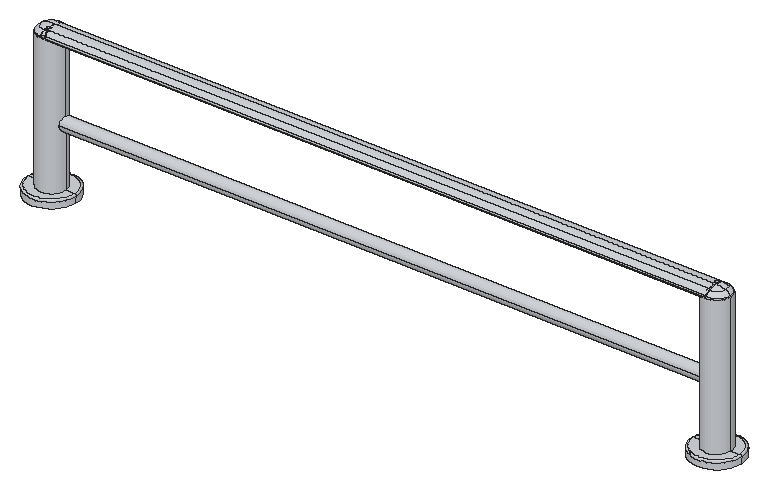
Revit family "Accessory-Towel_Bar-KOHLER-Kumin-K-97890M_1", category Specialty Equipment, host Face, Revit 2017
Family settings
  Host = Face
  Round Connector Dimension = Use Diameter
  Part Type = Normal
  OmniClass Number = 23.31.25.25
  OmniClass Title = Towel Bars
  Cut with Voids When Loaded = No
  Shared = No
  Room Calculation Point = No
Parameters (values of type "CP-Polished Chrome")
  Width = 25 101/128"  # constant formula
  WaterSense Certified = 1 = 0  # no
  URL = "https://la.kohler.com/es?country=MX"
  Type = 1
  Product Page URL = "https://la.kohler.com/es/product-detail/97890m?skuid=K-97890M-CP"
  Product Name = "KUMIN"  # constant formula
  Product Documentation Link = "http://resources.kohler.com/plumbing/kohlerla/pdf/K-97890%20KUMIN%20Spec%20Sheet.pdf"
  Model = "K-97890M-CP"  # constant formula
  Material = "Premium Metal construction"  # constant formula
  Master Format 2014 Name = "Toilet, Bath, and Laundry Accessories"  # constant formula
  Master Format 2014 = "10 28 00"  # constant formula
  Manufacturer Address = "KOHLER Co.\n444 Highland Dr.\nKohler, WI 53044"  # constant formula
  Manufacturer = "KOHLER Co."  # constant formula
  Length = 5.51181"  # constant formula
  Height = 1.77165"  # constant formula
  Finish = Kohler-Metal-CP-Polished_Chrome
  Environmental Product Declaration = ""
  Description = "24 inch Double Towel Bar"  # constant formula
  Default Elevation = 42"
  Declare Label = ""
  Date Modified = "05/21/2021"  # constant formula
  Date Created = "05/21/2021"  # constant formula
  Copyright = "Copyright KOHLER Co."  # constant formula
  Contact Us = "https://la.kohler.com/es/contact-us-page"
  Assembly Code = "C1030200"
  ADA Compliant = 1 = 0  # no
Reference planes (in)
  plane 1 "Center (Front/Back)": y = 0
  plane 2: z = 0
  plane 3 "Center (Left/Right)": x = 0
  plane 4: y = -0.88583
  plane 5: y = 0.88583
  plane 6: x = -12.00787
  plane 7: x = -12.8937
  plane 8: x = 12.00787
  plane 9: x = 12.89536
  plane 10: z = 5.51181
Dimensions and locks (in)
  locked: plane 6 to plane 8 at 24.01575
  "Width": plane 7 to plane 9
  plane 7 to plane 3 "Center (Left/Right)" to plane 9 = 12.8937", 12.89536"
  plane 6 to plane 3 "Center (Left/Right)" to plane 8 = 12.00787", 12.00787"
  "Length": plane 10 to level
  "Height": plane 5 to plane 4
  aligned and locked: plane 2 to host face
  aligned and locked: level to host face
  aligned and locked: plane 4 to nested 1
  aligned and locked: plane 5 to nested 1
  aligned and locked: plane 6 to nested 1
  aligned and locked: plane 8 to nested 1
  aligned and locked: plane 9 to nested 1
  aligned and locked: plane 10 to nested 1
Automatic sketch dimensions
  host sketch curve to host sketch curve = 96"  (x2)
Nested families (in)
  nested 1: "K-97890M" at (0, 0, 0), type "K-97890M"
Definition of nested family "K-97890M"
  Parameters (values of type "K-97890M")
    Material = none
  Reference planes (in)
    plane 1 "Center (Front/Back)": y = 0
    plane 2: z = 0
    plane 3 "Center (Left/Right)": x = 0
    plane 4: x = 12.00787
    plane 5: x = -12.00787
    plane 6: z = 5.51181
    plane 7: z = 5.03937
    plane 8: z = 2.44094
    plane 9: x = 12.8937
    plane 10: x = 11.12205
    plane 11: x = 12.5
    plane 12: x = 11.51575
    plane 13: x = -12.8937
    plane 14: x = -11.12205
    plane 15: x = -12.5
    plane 16: x = -11.51575
    plane 17: y = 0.88583
    plane 18: y = -0.88583
  Forms (in)
    Revolve 1, solid, material <- "Material", detail levels medium+fine
      sketch origin (0, 0, 0) x (1, 0, 0) y (0, 0, 1)
        loop
          arc (12.8937, 0.21654) -> (12.8764, 0.25829) -> (12.83465, 0.27559) r 0.05906
          line (12.83465, 0.27559) -> (12.5, 0.27559) -> (12.5, 5.25575)
          arc (12.5, 5.25575) -> (12.49754, 5.27125) -> (12.49041, 5.28522) r 0.05004
          arc (12.49041, 5.28522) -> (12.41934, 5.36385) -> (12.33339, 5.42589) r 0.50401
          arc (12.33339, 5.42589) -> (12.17629, 5.49027) -> (12.00787, 5.51181) r 0.65044
          line (12.00787, 5.51181) -> (12.00787, 0) -> (12.8937, 0) -> (12.8937, 0.21654)
        axis (12.00787, 5.51181) -> (12.00787, 0)
      angle from 0 to 360
    Revolve 2, solid, material <- "Material", detail levels medium+fine
      sketch origin (0, 0, 0) x (-1, 0, 0) y (0, 0, 1)
        loop
          arc (12.8937, 0.21654) -> (12.8764, 0.25829) -> (12.83465, 0.27559) r 0.05906
          line (12.83465, 0.27559) -> (12.5, 0.27559) -> (12.5, 5.25575)
          arc (12.5, 5.25575) -> (12.49754, 5.27125) -> (12.49041, 5.28522) r 0.05004
          arc (12.49041, 5.28522) -> (12.41934, 5.36385) -> (12.33339, 5.42589) r 0.50401
          arc (12.33339, 5.42589) -> (12.17629, 5.49027) -> (12.00787, 5.51181) r 0.65044
          line (12.00787, 5.51181) -> (12.00787, 0) -> (12.8937, 0) -> (12.8937, 0.21654)
        axis (12.00787, 5.51181) -> (12.00787, 0)
      angle from 0 to 360
    Extrusion 3, solid, material <- "Material", detail levels medium+fine
      sketch origin (0, 0, 0) x (0, 1, 0) y (0, 0, 1)
        loop
          circle (0, 2.44094) r 0.23622
      from -11.92948 to 11.95123
    Extrusion 4, solid, material <- "Material", detail levels medium+fine
      sketch origin (0, 0.00056, 0.00161) x (0, 1, 0) y (0, 0, 1)
        loop
          arc (0.00047, 5.50731) -> (-0.14387, 5.49299) -> (-0.28111, 5.44606) r 0.63005
          arc (-0.28111, 5.44606) -> (-0.37723, 5.38723) -> (-0.45911, 5.30979) r 0.54165
          arc (-0.45911, 5.30979) -> (-0.47334, 5.27161) -> (-0.45946, 5.23331) r 0.05906
          arc (-0.45946, 5.23331) -> (-0.37161, 5.15038) -> (-0.26723, 5.08954) r 0.52905
          arc (-0.26723, 5.08954) -> (-0.13629, 5.04797) -> (0.00047, 5.03486) r 0.64976
          arc (0.00047, 5.03486) -> (0.24833, 5.08694) -> (0.45728, 5.23008) r 0.64785
          arc (0.45728, 5.23008) -> (0.47408, 5.27159) -> (0.45692, 5.31296) r 0.05906
          arc (0.45692, 5.31296) -> (0.24768, 5.45474) -> (0.00047, 5.50731) r 0.65886
      from -12.02269 to 11.97768
    Revolve 5, solid, material <- "Material", detail levels coarse
      sketch origin (0, 0, 0) x (1, 0, 0) y (0, 0, 1)
        loop
          line (12.00787, 5.51181) -> (12.00787, 0) -> (12.8937, 0) -> (12.8937, 0.27559) -> (12.5, 0.27559) -> (12.5, 5.51181) -> (12.00787, 5.51181)
        axis (12.00787, 5.51181) -> (12.00787, 0)
      angle from 0 to 360
    Revolve 6, solid, material <- "Material", detail levels coarse
      sketch origin (0, 0, 0) x (-1, 0, 0) y (0, 0, 1)
        loop
          line (12.00787, 5.51181) -> (12.00787, 0) -> (12.8937, 0) -> (12.8937, 0.27559) -> (12.5, 0.27559) -> (12.5, 5.51181) -> (12.00787, 5.51181)
        axis (12.00787, 5.51181) -> (12.00787, 0)
      angle from 0 to 360
    Extrusion 7, solid, material <- "Material", detail levels coarse
      sketch origin (0, 0, 0) x (1, 0, 0) y (0, 0, 1)
        loop
          line (11.98609, 5.51181) -> (-11.99076, 5.51181) -> (-11.99076, 5.03937) -> (11.98609, 5.03937) -> (11.98609, 5.51181)
      from -0.47464 to 0.47278
    Extrusion 8, solid, material <- "Material", detail levels coarse
      sketch origin (0, 0, 0) x (0, 1, 0) y (0, 0, 1)
        loop
          circle (0, 2.44094) r 0.23667
      from -11.69042 to 11.74002
  Cuts and joins
    joined: Revolve 1, Revolve 2, Extrusion 3
    joined: Revolve 5, Revolve 6, Extrusion 7, Extrusion 8
  Lines and regions (in)
    Masking region 1
      outline origin (0, 0, 0) x (1, 0, 0) y (0, 1, 0)
        loop
          arc (-11.25994, 0.47464) -> (-12.8937, -0.0011) -> (-11.25876, -0.47278) r 0.88583
          line (-11.25876, -0.47278) -> (0, -0.47278) -> (11.25876, -0.47278)
          arc (11.25876, -0.47278) -> (12.8937, -0.0011) -> (11.25994, 0.47464) r 0.88583
          line (11.25994, 0.47464) -> (0.2986, 0.47464) -> (-11.25994, 0.47464)
    Masking region 2
      outline origin (0, 0, 0) x (1, 0, 0) y (0, 0, 1)
        loop
          arc (-12.00787, 5.51181) -> (-12.15074, 5.49694) -> (-12.28654, 5.45013) r 0.63079
          arc (-12.28654, 5.45013) -> (-12.39761, 5.38009) -> (-12.48949, 5.28627) r 0.56425
          arc (-12.48949, 5.28627) -> (-12.4973, 5.27175) -> (-12.5, 5.25549) r 0.05032
          line (-12.5, 5.25549) -> (-12.5, 0.27559) -> (-12.8349, 0.27559)
          arc (-12.8349, 0.27559) -> (-12.87648, 0.25837) -> (-12.8937, 0.21678) r 0.05881
          line (-12.8937, 0.21678) -> (-12.8937, 0) -> (-11.12205, 0) -> (-11.12205, 0.21727)
          arc (-11.12205, 0.21727) -> (-11.13913, 0.25851) -> (-11.18037, 0.27559) r 0.05832
          line (-11.18037, 0.27559) -> (-11.51575, 0.27559) -> (-11.51575, 2.20472) -> (11.51575, 2.20472) -> (11.51575, 0.27559) -> (11.18037, 0.27559)
          arc (11.18037, 0.27559) -> (11.13913, 0.25851) -> (11.12205, 0.21727) r 0.05832
          line (11.12205, 0.21727) -> (11.12205, 0) -> (12.8937, 0) -> (12.8937, 0.21678)
          arc (12.8937, 0.21678) -> (12.87648, 0.25837) -> (12.8349, 0.27559) r 0.05881
          line (12.8349, 0.27559) -> (12.5, 0.27559) -> (12.5, 5.25549)
          arc (12.5, 5.25549) -> (12.4973, 5.27175) -> (12.48949, 5.28627) r 0.05032
          arc (12.48949, 5.28627) -> (12.39761, 5.38009) -> (12.28654, 5.45013) r 0.56425
          arc (12.28654, 5.45013) -> (12.15074, 5.49694) -> (12.00787, 5.51181) r 0.63079
          line (12.00787, 5.51181) -> (-12.00787, 5.51181)
        loop
          line (11.12205, 5.03644) -> (-11.12205, 5.03644)
          arc (-11.12205, 5.03644) -> (-11.40044, 4.92112) -> (-11.51575, 4.64274) r 0.3937
          line (-11.51575, 4.64274) -> (-11.51575, 2.67717) -> (11.51575, 2.67717) -> (11.51575, 4.64274)
          arc (11.51575, 4.64274) -> (11.40044, 4.92112) -> (11.12205, 5.03644) r 0.3937
    Masking region 3
      outline origin (0, 0, 0) x (0, 1, 0) y (0, 0, 1)
        loop
          line (0.88583, 0) -> (0.88583, 0.21687)
          arc (0.88583, 0.21687) -> (0.86863, 0.25839) -> (0.8271, 0.27559) r 0.05872
          line (0.8271, 0.27559) -> (0.49213, 0.27559) -> (0.49213, 5.25473)
          arc (0.49213, 5.25473) -> (0.48959, 5.27076) -> (0.48223, 5.28522) r 0.05192
          arc (0.48223, 5.28522) -> (0.38807, 5.38365) -> (0.27098, 5.45324) r 0.50361
          arc (0.27098, 5.45324) -> (0.13874, 5.49757) -> (0, 5.51181) r 0.63212
          arc (0, 5.51181) -> (-0.13874, 5.49757) -> (-0.27098, 5.45324) r 0.63212
          arc (-0.27098, 5.45324) -> (-0.38807, 5.38365) -> (-0.48223, 5.28522) r 0.50361
          arc (-0.48223, 5.28522) -> (-0.48959, 5.27076) -> (-0.49213, 5.25473) r 0.05192
          line (-0.49213, 5.25473) -> (-0.49213, 0.27559) -> (-0.8271, 0.27559)
          arc (-0.8271, 0.27559) -> (-0.86863, 0.25839) -> (-0.88583, 0.21687) r 0.05872
          line (-0.88583, 0.21687) -> (-0.88583, 0) -> (0.88583, 0)
    symbolic lines, detail levels medium+fine
      curve 1: line (-11.25994, 0.47464, 0) -> (-11.66527, 0.47464, 0)
      curve 2: line (-11.66527, 0.47464, 0) -> (-12.00002, 0.49206, 0)
      curve 3: arc (-12.00002, 0.49206, 0) -> (-12.5, 0, 0) -> (-12.00002, -0.49206, 0) r 0.49213
      curve 4: line (-11.25994, -0.47464, 0) -> (-11.66527, -0.47464, 0)
      curve 5: line (-11.66527, -0.47464, 0) -> (-12.00002, -0.49206, 0)
      curve 6: line (11.25994, 0.47464, 0) -> (11.615, 0.47464, 0)
      curve 7: arc (12.00787, 0.49213, 0) -> (12.49998, -0.00393, 0) -> (12.00002, -0.49206, 0) r 0.49213
      curve 8: line (11.25994, -0.47464, 0) -> (11.66527, -0.47464, 0)
      curve 9: line (11.66527, -0.47464, 0) -> (12.00002, -0.49206, 0)
      curve 10: line (11.615, 0.47464, 0) -> (12.00787, 0.49213, 0)
      curve 11: arc (-11.33143, 0.47464, 0) -> (-12.25675, 0.78799, 0) -> (-12.83423, 0, 0) r 0.82636
      curve 12: arc (-11.96948, 0.47678, 0) -> (-12.33224, 0.35154, 0) -> (-12.4862, 0, 0) r 0.47832
      curve 13: arc (-11.96948, 0.47678, 0) -> (-11.87562, 0.46972, 0) -> (-11.7817, 0.46365, 0) r 8.92056
      curve 14: arc (-11.7817, 0.46365, 0) -> (-11.69482, 0.46014, 0) -> (-11.60788, 0.45899, 0) r 3.20011
      curve 15: line (-11.60788, 0.45899, 0) -> (-0.03664, 0.45899, 0)
      curve 16: arc (-11.96948, 0.47678, 0) -> (-11.95567, 0.48583, 0) -> (-11.93945, 0.48891, 0) r 0.04237
      curve 17: arc (-11.33143, -0.47464, 0) -> (-12.25675, -0.78799, 0) -> (-12.83423, 0, 0) r 0.82636
      curve 18: arc (-11.96948, -0.47678, 0) -> (-12.33224, -0.35154, 0) -> (-12.4862, 0, 0) r 0.47832
      curve 19: arc (-11.96948, -0.47678, 0) -> (-11.87562, -0.46972, 0) -> (-11.7817, -0.46365, 0) r 8.92056
      curve 20: arc (-11.7817, -0.46365, 0) -> (-11.69482, -0.46014, 0) -> (-11.60788, -0.45899, 0) r 3.20011
      curve 21: line (-11.60788, -0.45899, 0) -> (0.02111, -0.45899, 0)
      curve 22: arc (-11.96948, -0.47678, 0) -> (-11.95567, -0.48583, 0) -> (-11.93945, -0.48891, 0) r 0.04237
      curve 23: arc (11.33143, 0.47464, 0) -> (12.25675, 0.78799, 0) -> (12.83423, 0, 0) r 0.82636
      curve 24: arc (11.96948, 0.47678, 0) -> (12.33224, 0.35154, 0) -> (12.4862, 0, 0) r 0.47832
      curve 25: arc (11.96948, 0.47678, 0) -> (11.87562, 0.46972, 0) -> (11.7817, 0.46365, 0) r 8.92056
      curve 26: arc (11.7817, 0.46365, 0) -> (11.69482, 0.46014, 0) -> (11.60788, 0.45899, 0) r 3.20011
      curve 27: line (11.60788, 0.45899, 0) -> (-0.03664, 0.45899, 0)
      curve 28: arc (11.96948, 0.47678, 0) -> (11.95567, 0.48583, 0) -> (11.93945, 0.48891, 0) r 0.04237
      curve 29: arc (11.33143, -0.47464, 0) -> (12.25675, -0.78799, 0) -> (12.83423, 0, 0) r 0.82636
      curve 30: arc (11.96948, -0.47678, 0) -> (12.33224, -0.35154, 0) -> (12.4862, 0, 0) r 0.47832
      curve 31: arc (11.96948, -0.47678, 0) -> (11.87562, -0.46972, 0) -> (11.7817, -0.46365, 0) r 8.92056
      curve 32: arc (11.7817, -0.46365, 0) -> (11.69482, -0.46014, 0) -> (11.60788, -0.45899, 0) r 3.20011
      curve 33: line (11.60788, -0.45899, 0) -> (0.02111, -0.45899, 0)
      curve 34: arc (11.96948, -0.47678, 0) -> (11.95567, -0.48583, 0) -> (11.93945, -0.48891, 0) r 0.04237
      curve 35: line (-12.00787, 0.49213, 0) -> (-12.00787, -0.49213, 0)
      curve 36: line (-10.76772, 0.47464, 0) -> (-10.76772, -0.47388, 0)
      curve 37: line (12.00787, 0.49213, 0) -> (12.00787, -0.49213, 0)
      curve 38: line (10.76772, 0.47464, 0) -> (10.76772, -0.47388, 0)
      curve 39: line (-11.57615, 0, 2.44094) -> (-11.51575, 0, 2.20472)
      curve 40: line (-11.51575, 0, 2.67717) -> (-11.57615, 0, 2.44094)
      curve 41: line (11.51575, 0, 2.67717) -> (11.57615, 0, 2.44094)
      curve 42: line (11.57615, 0, 2.44094) -> (11.51575, 0, 2.20472)
      curve 43: line (11.51575, 0, 2.67717) -> (11.57615, 0, 2.44094)
      curve 44: line (12.48422, 0, 5.29254) -> (12.00338, 0, 5.29254)
      curve 45: line (12.5, 0, 5.25501) -> (12.00338, 0, 5.25501)
      curve 46: line (11.60788, 0, 5.31529) -> (-5.15601, 0, 5.31529)
      curve 47: line (-1.41125, 0, 5.23589) -> (11.60788, 0, 5.23589)
      curve 48: line (11.60788, 0, 5.31529) -> (11.60788, 0, 5.23589)
      curve 49: arc (12.00338, 0, 5.29254) -> (11.98632, 0, 5.29311) -> (11.96933, 0, 5.29483) r 0.25353
      curve 50: arc (11.96933, 0, 5.29483) -> (11.87422, 0, 5.3037) -> (11.77892, 0, 5.31026) r 3.93588
      curve 51: arc (11.77892, 0, 5.31026) -> (11.69344, 0, 5.31394) -> (11.60788, 0, 5.31529) r 3.14383
      curve 52: arc (12.00338, 0, 5.25501) -> (11.98379, 0, 5.25562) -> (11.96424, 0, 5.25707) r 0.46383
      curve 53: arc (11.96424, 0, 5.25707) -> (11.88341, 0, 5.24715) -> (11.80202, 0, 5.24426) r 0.94102
      curve 54: arc (11.80202, 0, 5.24426) -> (11.70494, 0, 5.24043) -> (11.60788, 0, 5.23589) r 13.35187
      curve 55: arc (11.96424, 0, 5.25707) -> (11.96657, 0, 5.27599) -> (11.96957, 0, 5.29481) r 0.5369
      curve 56: arc (11.96424, 0, 5.25707) -> (11.84785, 0, 5.16626) -> (11.76214, 0, 5.04607) r 0.51306
      curve 57: arc (11.76214, 0, 5.04607) -> (11.64027, 0, 4.82211) -> (11.51575, 0, 4.59961) r 21.4244
      curve 58: line (12.00787, 0, 5.25501) -> (12.00787, 0, 5.51181)
      curve 59: line (10.76772, 0, 5.03644) -> (10.76772, 0, 5.51181)
      curve 60: arc (11.60788, 0, 5.23589) -> (11.34416, 0, 5.14885) -> (11.09022, 0, 5.03644) r 2.8355
      curve 61: line (12.5, 0, 0.27559) -> (11.51575, 0, 0.27559)
      curve 62: line (12.89363, 0, 0.21654) -> (11.12198, 0, 0.21654)
      curve 63: line (-11.51575, 0, 2.67717) -> (-11.57615, 0, 2.44094)
      curve 64: line (-12.48422, 0, 5.29254) -> (-12.00338, 0, 5.29254)
      curve 65: line (-12.5, 0, 5.25501) -> (-12.00338, 0, 5.25501)
      curve 66: line (-11.60788, 0, 5.31529) -> (-5.15601, 0, 5.31529)
      curve 67: line (-1.41125, 0, 5.23589) -> (-11.60788, 0, 5.23589)
      curve 68: line (-11.60788, 0, 5.31529) -> (-11.60788, 0, 5.23589)
      curve 69: arc (-12.00338, 0, 5.29254) -> (-11.98632, 0, 5.29311) -> (-11.96933, 0, 5.29483) r 0.25353
      curve 70: arc (-11.96933, 0, 5.29483) -> (-11.87422, 0, 5.3037) -> (-11.77892, 0, 5.31026) r 3.93588
      curve 71: arc (-11.77892, 0, 5.31026) -> (-11.69344, 0, 5.31394) -> (-11.60788, 0, 5.31529) r 3.14383
      curve 72: arc (-12.00338, 0, 5.25501) -> (-11.98379, 0, 5.25562) -> (-11.96424, 0, 5.25707) r 0.46383
      curve 73: arc (-11.96424, 0, 5.25707) -> (-11.88341, 0, 5.24715) -> (-11.80202, 0, 5.24426) r 0.94102
      curve 74: arc (-11.80202, 0, 5.24426) -> (-11.70494, 0, 5.24043) -> (-11.60788, 0, 5.23589) r 13.35187
      curve 75: arc (-11.96424, 0, 5.25707) -> (-11.96657, 0, 5.27599) -> (-11.96957, 0, 5.29481) r 0.5369
      curve 76: arc (-11.96424, 0, 5.25707) -> (-11.84785, 0, 5.16626) -> (-11.76214, 0, 5.04607) r 0.51306
      curve 77: arc (-11.76214, 0, 5.04607) -> (-11.64027, 0, 4.82211) -> (-11.51575, 0, 4.59961) r 21.4244
      curve 78: line (-12.00787, 0, 5.25501) -> (-12.00787, 0, 5.51181)
      curve 79: line (-10.76772, 0, 5.03644) -> (-10.76772, 0, 5.51181)
      curve 80: arc (-11.60788, 0, 5.23589) -> (-11.34416, 0, 5.14885) -> (-11.09022, 0, 5.03644) r 2.8355
      curve 81: line (-12.5, 0, 0.27559) -> (-11.51575, 0, 0.27559)
      curve 82: line (-12.89363, 0, 0.21654) -> (-11.12198, 0, 0.21654)
      curve 83: line (0, -0.4921, 5.25501) -> (0, 0.4921, 5.25501)
      curve 84: line (0, -0.47639, 5.29254) -> (0, 0.47639, 5.29254)
      curve 85: line (0, -0.88583, 0.21654) -> (0, 0.88583, 0.21654)
      curve 86: line (0, 0, 0.27559) -> (0, -0.49213, 0.27559)
      curve 87: line (0, 0.49213, 0.27559) -> (0, 0, 0.27559)
  Dimensions and locks (in)
    plane 10 to plane 9 = 1.77165"
    level to plane 8 = 2.44094"
    level to plane 6 = 5.51181"
    aligned and locked: plane 2 to level
  Automatic sketch dimensions
    curve 3 to curve 11 = 0"  (x2)
    curve 3 to curve 12 = 0"  (x2)
    curve 3 to curve 17 = 0"  (x2)
    curve 3 to curve 18 = 0"  (x2)
    curve 7 to curve 23 = 0"  (x2)
    curve 7 to curve 24 = 0"  (x2)
    curve 7 to curve 29 = 0"  (x2)
    curve 7 to curve 30 = 0"  (x2)
    curve 11 to curve 12 = 0"  (x2)
    curve 11 to curve 17 = 0"  (x2)
    curve 11 to curve 18 = 0"  (x2)
    curve 12 to curve 17 = 0"  (x2)
    curve 12 to curve 18 = 0"  (x2)
    curve 17 to curve 18 = 0"  (x2)
    curve 23 to curve 24 = 0"  (x2)
    curve 23 to curve 29 = 0"  (x2)
    curve 23 to curve 30 = 0"  (x2)
    curve 24 to curve 29 = 0"  (x2)
    curve 24 to curve 30 = 0"  (x2)
    curve 29 to curve 30 = 0"  (x2)
    plane 1 "Center (Front/Back)" to curve 17 = 0"
    curve 12 to plane 5 = 0"
    curve 35 to plane 5 = 0"
    plane 1 "Center (Front/Back)" to curve 23 = 0"
    curve 23 to plane 4 = 0"
    plane 5 to curve 2 = 0.00785"
    plane 5 to curve 5 = 0.00785"
    plane 5 to curve 16 = 0.06808"
    plane 5 to curve 22 = 0.06808"
    plane 16 to curve 5 = 0.14952"
    plane 16 to curve 1 = 0.14952"
    plane 16 to curve 14 = 0.0934"
    plane 16 to curve 20 = 0.0934"
    curve 1 to curve 15 = 0.05738"
    curve 4 to curve 21 = 0.05738"
    plane 14 to curve 13 = 0.13131"
    plane 14 to curve 19 = 0.13131"
    curve 27 to plane 3 "Center (Left/Right)" = 0.03664"
    plane 3 "Center (Left/Right)" to curve 21 = 0.02111"
    plane 10 to curve 31 = 0.13131"
    plane 10 to curve 25 = 0.13131"
    plane 12 to curve 27 = 0.09214"
    plane 12 to curve 33 = 0.09214"
    plane 12 to curve 26 = 0.0934"
    plane 12 to curve 32 = 0.0934"
    curve 26 to curve 10 = 0.00712"
    curve 32 to curve 8 = 0.05738"
    plane 4 to curve 28 = 0.06808"
    plane 4 to curve 34 = 0.06808"
    plane 4 to curve 9 = 0.00785"
    curve 22 to plane 18 = 0.43928"
    curve 34 to plane 18 = 0.43928"
    curve 21 to curve 22 = 0.01245"
    curve 9 to curve 32 = 0.01565"
    curve 4 to curve 20 = 0.01565"
    curve 9 to curve 34 = 0.04552"
    curve 5 to curve 22 = 0.04552"
    plane 18 to curve 20 = 2.77328"
    plane 18 to curve 32 = 2.77328"
    curve 19 to curve 20 = 5.70945"
    curve 31 to curve 32 = 5.70945"
    curve 16 to curve 2 = 0.04552"
    curve 28 to curve 10 = 0.04558"
    curve 15 to plane 1 "Center (Front/Back)" = 0.45899"
    curve 26 to curve 6 = 0.01565"
    curve 15 to curve 2 = 0.01565"
    plane 17 to curve 14 = 2.77328"
    plane 17 to curve 26 = 2.77328"
    curve 14 to curve 13 = 5.70945"
    curve 26 to curve 25 = 5.70945"
    curve 18 to curve 3 = 0.47832"
    plane 13 to curve 11 = 0.05947"
    curve 11 to curve 1 = 0.07148"
    curve 17 to curve 4 = 0.07148"
    curve 36 to plane 14 = 0.35433"
    curve 38 to plane 10 = 0.35433"
    plane 10 to curve 8 = 0.1379"
    plane 10 to curve 6 = 0.1379"
    curve 8 to curve 29 = 0.07148"
    curve 25 to curve 28 = 0.1581"
    curve 28 to curve 24 = 0.03003"
    curve 38 to plane 18 = 0.41195"
    curve 36 to plane 18 = 0.41195"
    curve 36 to plane 17 = 0.41118"
    curve 38 to plane 17 = 0.41118"
    curve 85 to plane 18 = 0"
    curve 86 to plane 1 "Center (Front/Back)" = 0"
    curve 85 to plane 17 = 0"
    level to curve 86 = 0.27559"
    curve 86 to plane 18 = 0.3937"
    curve 83 to plane 18 = 0.39373"
    curve 83 to curve 84 = 0.0157"
    curve 84 to plane 17 = 0.40943"
    curve 84 to curve 83 = 0.0157"
    curve 87 to plane 17 = 0.3937"
    level to curve 85 = 0.21654"
    plane 7 to curve 83 = 0.21564"
    curve 83 to curve 84 = 0.03753"
    curve 81 to plane 15 = 0"
    curve 65 to plane 15 = 0"
    curve 78 to plane 5 = 0"
    curve 40 to plane 8 = 0"
    plane 16 to curve 39 = 0"
    plane 16 to curve 81 = 0"
    curve 79 to plane 6 = 0"
    curve 59 to plane 6 = 0"
    curve 61 to plane 12 = 0"
    curve 57 to plane 12 = 0"
    curve 42 to plane 12 = 0"
    curve 42 to plane 8 = 0"
    plane 4 to curve 58 = 0"
    curve 45 to plane 11 = 0"
    plane 11 to curve 61 = 0"
    curve 58 to plane 6 = 0"
    curve 78 to plane 6 = 0"
    plane 15 to curve 75 = 0.0018"
    plane 15 to curve 80 = 0.13636"
    plane 15 to curve 74 = 0.2199"
    curve 76 to plane 5 = 0.2105"
    curve 72 to plane 5 = 0.00032"
    plane 5 to curve 64 = 0.0045"
    curve 78 to curve 65 = 0.0045"
    plane 5 to curve 73 = 0.19852"
    plane 16 to curve 67 = 0.09214"
    plane 16 to curve 71 = 0.08535"
    plane 16 to curve 40 = 0.0604"
    plane 16 to curve 70 = 0.04055"
    curve 57 to plane 14 = 4.00488"
    curve 46 to plane 6 = 0.19652"
    curve 46 to plane 3 "Center (Left/Right)" = 5.15601"
    plane 7 to curve 67 = 0.19652"
    curve 67 to plane 3 "Center (Left/Right)" = 1.41125"
    curve 77 to plane 10 = 4.00488"
    plane 12 to curve 50 = 0.04055"
    plane 12 to curve 42 = 0.0604"
    plane 12 to curve 51 = 0.08535"
    plane 12 to curve 48 = 0.09214"
    plane 4 to curve 53 = 0.19852"
    curve 45 to curve 58 = 0.0045"
    plane 4 to curve 49 = 0.0045"
    curve 52 to plane 4 = 0.00032"
    curve 56 to plane 4 = 0.2105"
    plane 11 to curve 54 = 0.2199"
    plane 8 to curve 60 = 0.06202"
    plane 11 to curve 60 = 0.13636"
    plane 11 to curve 55 = 0.0018"
    curve 74 to level = 8.09905"
    curve 54 to level = 8.09905"
    curve 50 to plane 8 = 1.06026"
    curve 70 to plane 8 = 1.06026"
    curve 71 to plane 8 = 0.26948"
    curve 51 to plane 8 = 0.26948"
    plane 8 to curve 80 = 0.06202"
    plane 8 to curve 40 = 0.23622"
    curve 56 to plane 7 = 0.228"
    curve 76 to plane 7 = 0.228"
    plane 7 to curve 75 = 0.1616"
    plane 7 to curve 55 = 0.1616"
    curve 45 to curve 51 = 0.05526"
    curve 65 to curve 71 = 0.05526"
    curve 45 to curve 44 = 0.03753"
    curve 65 to curve 64 = 0.03753"
    plane 6 to curve 49 = 0.03425"
    plane 6 to curve 69 = 0.03425"
    curve 69 to curve 72 = 0.17275"
    curve 49 to curve 52 = 0.17275"
    curve 72 to curve 73 = 0.46644"
    curve 52 to curve 53 = 0.46644"
    plane 6 to curve 77 = 9.66226"
    plane 6 to curve 57 = 9.66226"
    plane 13 to curve 82 = 0.00007"
    plane 15 to curve 64 = 0.01578"
    curve 64 to curve 75 = 0.03381"
    curve 75 to curve 70 = 0.00023"
    curve 70 to curve 75 = 0.00509"
    plane 7 to curve 76 = 0.0067"
    curve 82 to plane 14 = 0.00007"
    curve 79 to plane 14 = 0.35433"
    curve 59 to plane 10 = 0.35433"
    curve 62 to plane 10 = 0.00007"
    plane 7 to curve 56 = 0.0067"
    curve 54 to curve 56 = 0.15426"
    curve 50 to curve 51 = 0"
    curve 50 to curve 55 = 0.00023"
    plane 11 to curve 44 = 0.01578"
    plane 9 to curve 62 = 0.00007"
    level to curve 62 = 0.21654"
    level to curve 82 = 0.21654"
    level to curve 81 = 0.27559"
    level to curve 61 = 0.27559"
    curve 71 to curve 39 = 0.03326"
    curve 51 to curve 42 = 0.03326"
    plane 4 to Revolve 1 sketch curve = 0"  (x2)
    Revolve 1 sketch curve to plane 11 = 0"
    Revolve 1 sketch curve to level = 0"
    plane 9 to Revolve 1 sketch curve = 0"
    Revolve 1 sketch curve to plane 6 = 0"
    Revolve 1 sketch curve to plane 4 = 0.00241"
    Revolve 1 sketch curve to plane 7 = 0.05091"
    Revolve 1 sketch curve to plane 4 = 0.07515"
    plane 11 to Revolve 1 sketch curve = 0.05004"
    plane 9 to Revolve 1 sketch curve = 0.05906"
    level to Revolve 1 sketch curve = 0.21654"
    Revolve 1 sketch curve to Revolve 1 sketch curve = 0.12709"
    Revolve 1 sketch curve to Revolve 1 sketch curve = 0.17013"
    Revolve 1 sketch curve to Revolve 1 sketch curve = 0"
    plane 8 to Revolve 1 sketch curve = 0.51181"
    plane 6 to Revolve 1 sketch curve = 1.1811"
    Revolve 2 sketch curve to plane 5 = 0"  (x2)
    Revolve 2 sketch curve to plane 15 = 0"
    Revolve 2 sketch curve to level = 0"
    Revolve 2 sketch curve to plane 13 = 0"
    Revolve 2 sketch curve to plane 6 = 0"
    plane 5 to Revolve 2 sketch curve = 0.00241"
    plane 7 to Revolve 2 sketch curve = 0.05091"
    plane 5 to Revolve 2 sketch curve = 0.07515"
    Revolve 2 sketch curve to plane 15 = 0.05004"
    Revolve 2 sketch curve to Revolve 2 sketch curve = 0.05906"
    Revolve 2 sketch curve to level = 0.21654"
    Revolve 2 sketch curve to Revolve 2 sketch curve = 0.12709"
    Revolve 2 sketch curve to Revolve 2 sketch curve = 0.17013"
    Revolve 2 sketch curve to Revolve 2 sketch curve = 0"
    Revolve 2 sketch curve to plane 8 = 0.51181"
    Revolve 2 sketch curve to Revolve 2 sketch curve = 1.1811"
    Extrusion 3 sketch curve to plane 1 "Center (Front/Back)" = 0"
    Extrusion 3 sketch curve to plane 8 = 0"
    plane 1 "Center (Front/Back)" to Extrusion 4 sketch curve = 0.41373"
    plane 1 "Center (Front/Back)" to Extrusion 4 sketch curve = 0.05419"
    plane 1 "Center (Front/Back)" to Extrusion 4 sketch curve = 0.04743"
    plane 1 "Center (Front/Back)" to Extrusion 4 sketch curve = 0.00986"
    plane 1 "Center (Front/Back)" to Extrusion 4 sketch curve = 0.00938"
    plane 1 "Center (Front/Back)" to Extrusion 4 sketch curve = 0.00571"
    Extrusion 4 sketch curve to Extrusion 4 sketch curve = 0"  (x8)
    Extrusion 4 sketch curve to plane 1 "Center (Front/Back)" = 0.41559"
    Extrusion 4 sketch curve to plane 7 = 0.18923"
    Extrusion 4 sketch curve to Extrusion 4 sketch curve = 0.0288"
    Extrusion 4 sketch curve to plane 7 = 0.08063"
    plane 7 to Extrusion 4 sketch curve = 0.23357"
    plane 7 to Extrusion 4 sketch curve = 0.23358"
    plane 6 to Extrusion 4 sketch curve = 0.06384"
    Extrusion 4 sketch curve to Extrusion 4 sketch curve = 0.10864"
    Extrusion 4 sketch curve to Extrusion 4 sketch curve = 0.0019"
    Extrusion 4 sketch curve to Extrusion 4 sketch curve = 0.04482"
    plane 1 "Center (Front/Back)" to Masking region 1 sketch curve = 0"  (x2)
    Masking region 1 sketch curve to plane 5 = 0"
    Masking region 1 sketch curve to plane 3 "Center (Left/Right)" = 0"
    Masking region 1 sketch curve to plane 4 = 0"
    plane 14 to Masking region 1 sketch curve = 0.1379"
    plane 14 to Masking region 1 sketch curve = 35/256"
    plane 3 "Center (Left/Right)" to Masking region 1 sketch curve = 0.2986"
    plane 10 to Masking region 1 sketch curve = 35/256"
    Masking region 1 sketch curve to plane 18 = 0.41305"
    Masking region 2 sketch curve to level = 0"  (x2)
    Masking region 2 sketch curve to plane 13 = 0"
    Masking region 2 sketch curve to plane 15 = 0"
    Masking region 2 sketch curve to plane 5 = 0"
    plane 16 to Masking region 2 sketch curve = 0"  (x2)
    plane 14 to Masking region 2 sketch curve = 0"
    Masking region 2 sketch curve to plane 10 = 0"  (x2)
    Masking region 2 sketch curve to plane 12 = 0"  (x2)
    plane 4 to Masking region 2 sketch curve = 0"
    plane 11 to Masking region 2 sketch curve = 0"
    plane 9 to Masking region 2 sketch curve = 0"
    Masking region 2 sketch curve to plane 6 = 0"
    plane 13 to Masking region 2 sketch curve = 0.05881"
    Masking region 2 sketch curve to Masking region 2 sketch curve = 0.05032"  (x2)
    Masking region 2 sketch curve to plane 5 = 0.03526"
    Masking region 2 sketch curve to plane 5 = 0.00656"
    plane 14 to Masking region 2 sketch curve = 0.05832"
    plane 10 to Masking region 2 sketch curve = 0.05832"
    Masking region 2 sketch curve to plane 4 = 0.00656"
    Masking region 2 sketch curve to plane 4 = 0.03526"
    plane 9 to Masking region 2 sketch curve = 0.05881"
    Masking region 2 sketch curve to Masking region 2 sketch curve = 0.21678"
    level to Masking region 2 sketch curve = 0.21678"
    level to Masking region 2 sketch curve = 0.21727"
    Masking region 2 sketch curve to Masking region 2 sketch curve = 0.21727"
    Masking region 2 sketch curve to plane 8 = 0.23622"
    Masking region 2 sketch curve to plane 7 = 0.15832"  (x2)
    Masking region 2 sketch curve to Masking region 2 sketch curve = 0.06003"  (x2)
    plane 7 to Masking region 2 sketch curve = 0.21612"  (x2)
    Masking region 2 sketch curve to Masking region 2 sketch curve = 0"  (x2)
    Masking region 3 sketch curve to level = 0"
    Masking region 3 sketch curve to plane 18 = 0"
    Masking region 3 sketch curve to plane 1 "Center (Front/Back)" = 0"
    Masking region 3 sketch curve to plane 17 = 0"
    Masking region 3 sketch curve to plane 6 = 0"
    Masking region 3 sketch curve to plane 18 = 0.05872"
    Masking region 3 sketch curve to Masking region 3 sketch curve = 0.33498"
    Masking region 3 sketch curve to Masking region 3 sketch curve = 0.05192"
    plane 1 "Center (Front/Back)" to Masking region 3 sketch curve = 0.07458"
    plane 1 "Center (Front/Back)" to Masking region 3 sketch curve = 0.0052"
    Masking region 3 sketch curve to plane 1 "Center (Front/Back)" = 0.0052"
    Masking region 3 sketch curve to plane 1 "Center (Front/Back)" = 0.07458"
    plane 7 to Masking region 3 sketch curve = 0.21536"  (x2)
    Masking region 3 sketch curve to plane 1 "Center (Front/Back)" = 0.44021"
    Masking region 3 sketch curve to plane 17 = 0.3937"
    Masking region 3 sketch curve to Masking region 3 sketch curve = 0.05872"
    level to Masking region 3 sketch curve = 0.21687"
    Masking region 3 sketch curve to Masking region 3 sketch curve = 0.21687"
    Masking region 3 sketch curve to plane 7 = 0.15966"
    Masking region 3 sketch curve to Masking region 3 sketch curve = 0"  (x2)
    Masking region 3 sketch curve to plane 7 = 0.04987"  (x2)
    Masking region 3 sketch curve to plane 6 = 0.05857"
    plane 4 to Revolve 5 sketch curve = 0"  (x2)
    Revolve 5 sketch curve to plane 6 = 0"
    Revolve 5 sketch curve to plane 11 = 0"
    Revolve 5 sketch curve to level = 0"
    plane 9 to Revolve 5 sketch curve = 0"
    level to Revolve 5 sketch curve = 0.27559"
    Revolve 5 sketch curve to plane 7 = 0.70866"
    plane 6 to Revolve 5 sketch curve = 0.98425"
    Revolve 6 sketch curve to plane 5 = 0"  (x2)
    Revolve 6 sketch curve to plane 6 = 0"
    Revolve 6 sketch curve to plane 15 = 0"
    Revolve 6 sketch curve to level = 0"
    Revolve 6 sketch curve to plane 13 = 0"
    Revolve 6 sketch curve to level = 0.27559"
    plane 7 to Revolve 6 sketch curve = 0.70866"
    Revolve 6 sketch curve to Revolve 6 sketch curve = 0.98425"
    Extrusion 7 sketch curve to plane 6 = 0"
    Extrusion 7 sketch curve to plane 7 = 0"
    plane 5 to Extrusion 7 sketch curve = 0.01711"
    plane 4 to Extrusion 7 sketch curve = 0.02179"
    Extrusion 8 sketch curve to plane 1 "Center (Front/Back)" = 0"
    Extrusion 8 sketch curve to plane 8 = 0"
    Masking region 2 sketch curve to plane 14 = 0"
    plane 8 to Masking region 2 sketch curve = 0.23622"
    Masking region 2 sketch curve to plane 7 = 0.39663"
    plane 16 to curve 63 = 0"
    curve 77 to plane 16 = 0"
    plane 8 to curve 41 = 0.23622"
    curve 80 to plane 7 = 0.00293"
    curve 60 to plane 7 = 0.00293"
    curve 59 to plane 7 = 0.00293"
    curve 79 to plane 7 = 0.00293"
    curve 41 to plane 12 = 0"
    radius of Extrusion 3 sketch curve = 0.23622"
    radius of Extrusion 8 sketch curve = 0.23667"
